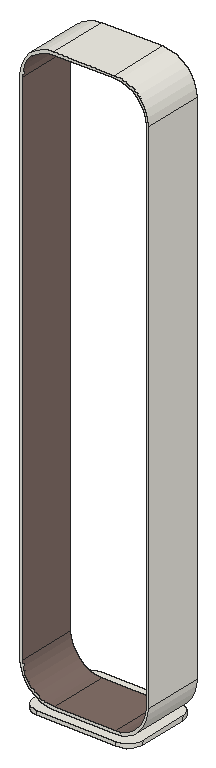
Revit family "Haworth_Contour_Light", category Lighting Fixtures, Revit 2018
Family settings
  Round Connector Dimension = Use Diameter
  Part Type = Normal
  OmniClass Number = 23.80.70.11.14
  OmniClass Title = General Luminaries, Directional
  Work Plane-Based = No
  Always vertical = Yes
  Cut with Voids When Loaded = No
  Light Source = Yes
  Shared = No
  Room Calculation Point = No
Parameters (values of type "LCF1-6009 - Floor Light")
  Wattage Comments = "8-21.5W 120V 60Hz"  # constant formula
  Wattage = 21.5 W
  Warranty = "http://www.haworth.com/resources/product-info/warranties"
  built-in parameter 1150110 = 1 (stored number, unit not read)
  URL - Product = "https://www.haworth.com/products/lighting/table/contour"
  URL = "http://www.haworth.com/our-brands/haworth-collection"
  Trim Finish [instance] = Haworth _ Paint _ Collection White
  built-in parameter 1114217 = 1 (stored number, unit not read)
  Tilt Angle = 90.00°  # constant formula
  built-in parameter 1150109 = 1 (stored number, unit not read)
  built-in parameter 1150134 = (empty or 0)
  built-in parameter 1150113 = 1 (stored number, unit not read)
  Small Table Lamp = no
  Size = "Verify Final Dim. w/ Haworth"  # constant formula
  Revision Number = "1"  # constant formula
  Photometric Web File = "generic"
  Outside Lamp Radius = 3 111/256"  # constant formula
  built-in parameter 1150142 = (empty or 0)
  Model = "LCF1-6009"
  built-in parameter 1150105 = 92.389 (stored number, unit not read)
  Lumens = 1161 lm
  built-in parameter 1150115 = 1 (stored number, unit not read)
  built-in parameter 1150137 = (empty or 0)
  built-in parameter 1150139 = (empty or 0)
  Large Table Lamp = no
  built-in parameter 1150112 = 1 (stored number, unit not read)
  built-in parameter 1150114 = 1 (stored number, unit not read)
  Interior Finish = Haworth _ Wood _ Walnut
  Inside Lamp Radius = 3 47/256"  # constant formula
  built-in parameter 1150132 = (empty or 0)
  built-in parameter 1150102 = (empty or 0)
  built-in parameter 1150107 = 3000 (stored number, unit not read)
  built-in parameter 1150138 = (empty or 0)
  built-in parameter 1150106 = 0.92389 (stored number, unit not read)
  Manufacturer = "Haworth"  # constant formula
  Glass Finish = Haworth _ Glass _ Clear
  Floor Lamp = not(or(Large Table Lamp, Small Table Lamp))  # yes
  Emit from Circle Diameter = 12"  # constant formula
  Emit Shape Visible in Rendering = no
  built-in parameter 1150104 = 5.0168 (stored number, unit not read)
  Dimming Lamp Color Temperature Shift = <None>
  Description = "Haworth Contour Floor Light"
  Color Filter = 16777215
  Lamp Thickness Offset = 1/4"  # constant formula
  Base Radius = 1 1/2"  # constant formula
  Base Offset [instance] = 28"
  Base Finish = Haworth _ Paint _ Collection White
  built-in parameter 1114218 = 1 (stored number, unit not read)
  Author = "Haworth (Alias)"  # constant formula
  built-in parameter 1150133 = 10 (stored number, unit not read)
  Assembly Code = "D5020200"
  Actual Width = if(Small Table Lamp, 12", 13")  # 13"
  Actual Height = if(Floor Lamp, 60", if(Small Table Lamp, 17 1/2", 25"))  # 60"
  Actual Depth = if(Floor Lamp, 8", 6")  # 8"
Types (3): name | Wattage | Small Table Lamp | Model | built-in parameter 1150105 | Lumens | Large Table Lamp | built-in parameter 1150106 | Floor Lamp | built-in parameter 1150104 | Description | Actual Width | Actual Height | Actual Depth
  LCF1-6009 - Floor Light | 21.5 W | no | "LCF1-6009" | 92.389 (stored number, unit not read) | 1161 lm | no | 0.92389 (stored number, unit not read) | yes | 5.0168 (stored number, unit not read) | "Haworth Contour Floor Light" | 13" | 60" | 8"
  LCT1-1708 - Small Table Light | 8 W | yes | "LCT1-1708" | 48.383 (stored number, unit not read) | 608 lm | no | 0.48383 (stored number, unit not read) | no | 7.0606 (stored number, unit not read) | "Haworth Contour Table Light Small" | 12" | 17 1/2" | 6"
  LCT1-2508 - Large Table Light | 8 W | no | "LCT1-2508" | 48.383 (stored number, unit not read) | 608 lm | yes | 0.48383 (stored number, unit not read) | no | 7.0606 (stored number, unit not read) | "Haworth Contour Table Light Large" | 13" | 25" | 6"
Reference planes (in)
  plane 1 "Center F/B": y = 8.82887
  plane 2 "Base": z = 28
  plane 3 "Center L/R": x = 1.15861
  plane 4 "Lamp Height": z = 88
  plane 5 "Right": x = 7.65861
  plane 6 "Left": x = -5.34139
  plane 7 "Back": y = 12.82887
  plane 8 "Front": y = 4.82887
  plane 9 "Inside Lamp Base": z = 28.62622
  plane 10 "Base Top": z = 28.39
  plane 11 "Lamp Back": y = 11.82886
  plane 12 "Lamp Front": y = 5.82888
  plane 13: z = 87.5
  plane 14: x = -1.48903
  plane 15: x = 3.80625
Forms (in)
  Extrusion 1, solid, material "Haworth _ Paint _ Collection White" <- "Base Finish"
    sketch origin (0, 0, 0) x (1, 0, 0) y (0, 1, 0)
      loop
        arc (-2.84181, 12.82887) -> (-3.90247, 12.38953) -> (-4.34181, 11.32887) r 1.5
        line (-4.34181, 11.32887) -> (-4.34181, 6.32887)
        arc (-4.34181, 6.32887) -> (-3.90247, 5.26821) -> (-2.84181, 4.82887) r 1.5
        line (-2.84181, 4.82887) -> (5.15902, 4.82887)
        arc (5.15902, 4.82887) -> (6.21968, 5.26821) -> (6.65902, 6.32887) r 1.5
        line (6.65902, 6.32887) -> (6.65902, 11.32887)
        arc (6.65902, 11.32887) -> (6.21968, 12.38953) -> (5.15902, 12.82887) r 1.5
        line (5.15902, 12.82887) -> (-2.84181, 12.82887)
    from 28 to 28.39
  Extrusion 2, solid, material "Haworth _ Paint _ Collection White" <- "Trim Finish"
    sketch origin (0, 8.82887, 0) x (1, 0, 0) y (0, 0, 1)
      loop
        arc (-5.34139, 31.82359) -> (-4.33572, 29.39568) -> (-1.9078, 28.39) r 3.43359
        line (-1.9078, 28.39) -> (4.22501, 28.39)
        arc (4.22501, 28.39) -> (6.65293, 29.39568) -> (7.65861, 31.82359) r 3.43359
        line (7.65861, 31.82359) -> (7.65861, 84.56641)
        arc (7.65861, 84.56641) -> (6.65293, 86.99432) -> (4.22501, 88) r 3.43359
        line (4.22501, 88) -> (-1.9078, 88)
        arc (-1.9078, 88) -> (-4.33572, 86.99432) -> (-5.34139, 84.56641) r 3.43359
        line (-5.34139, 84.56641) -> (-5.34139, 31.82359)
      loop
        arc (-5.09139, 31.82359) -> (-4.15894, 29.57245) -> (-1.9078, 28.64) r 3.18359
        line (-1.9078, 28.64) -> (4.22501, 28.64)
        arc (4.22501, 28.64) -> (6.47615, 29.57245) -> (7.40861, 31.82359) r 3.18359
        line (7.40861, 31.82359) -> (7.40861, 84.56641)
        arc (7.40861, 84.56641) -> (6.47615, 86.81755) -> (4.22501, 87.75) r 3.18359
        line (4.22501, 87.75) -> (-1.9078, 87.75)
        arc (-1.9078, 87.75) -> (-4.15894, 86.81755) -> (-5.09139, 84.56641) r 3.18359
        line (-5.09139, 84.56641) -> (-5.09139, 31.82359)
    from -2.99999 to 2.99999
  Extrusion 3, solid, material "Haworth _ Glass _ Clear" <- "Glass Finish"
    sketch origin (0, 0, 0) x (1, 0, 0) y (0, 1, 0)
      loop
        line (3.05625, 9.82887) -> (-0.73903, 9.82887)
        arc (-0.73903, 9.82887) -> (-1.26936, 9.6092) -> (-1.48903, 9.07887) r 0.75
        line (-1.48903, 9.07887) -> (-1.48903, 8.57887)
        arc (-1.48903, 8.57887) -> (-1.26936, 8.04854) -> (-0.73903, 7.82887) r 0.75
        line (-0.73903, 7.82887) -> (3.05625, 7.82887)
        arc (3.05625, 7.82887) -> (3.58658, 8.04854) -> (3.80625, 8.57887) r 0.75
        line (3.80625, 8.57887) -> (3.80625, 9.07887)
        arc (3.80625, 9.07887) -> (3.58658, 9.6092) -> (3.05625, 9.82887) r 0.75
    from 87.60156 to 87.75
Lines and regions (in)
  Masking region 1, visible <- "Floor Lamp"
    outline origin (0, 0, 0) x (1, 0, 0) y (0, 1, 0)
      loop
        line (5.15902, 12.82887) -> (-2.84181, 12.82887)
        arc (-2.84181, 12.82887) -> (-3.90247, 12.38953) -> (-4.34181, 11.32887) r 1.5
        line (-4.34181, 11.32887) -> (-4.34181, 6.32887)
        arc (-4.34181, 6.32887) -> (-3.90247, 5.26821) -> (-2.84181, 4.82887) r 1.5
        line (-2.84181, 4.82887) -> (5.15902, 4.82887)
        arc (5.15902, 4.82887) -> (6.21968, 5.26821) -> (6.65902, 6.32887) r 1.5
        line (6.65902, 6.32887) -> (6.65902, 11.32887)
        arc (6.65902, 11.32887) -> (6.21968, 12.38953) -> (5.15902, 12.82887) r 1.5
  Masking region 2
    outline origin (0, 0, 0) x (1, 0, 0) y (0, 1, 0)
      loop
        line (-5.34139, 11.82886) -> (-5.34139, 5.82888) -> (7.65861, 5.82888) -> (7.65861, 11.82886) -> (-5.34139, 11.82886)
Dimensions and locks (in)
  "Actual Height": plane 4 "Lamp Height" to plane 2 "Base"
  "Base Offset": plane 2 "Base" to level
  "Actual Depth": plane 7 "Back" to plane 8 "Front"
  "Actual Width": plane 6 "Left" to plane 5 "Right"
  locked: plane 9 "Inside Lamp Base" to plane 10 "Base Top" at 0.23622
  locked: plane 10 "Base Top" to plane 2 "Base" at 0.39
  equal spacing: plane 6 "Left", plane 3 "Center L/R", plane 5 "Right"
  equal spacing: plane 7 "Back", plane 1 "Center F/B", plane 8 "Front"
  locked: plane 3 "Center L/R" to Extrusion 1 sketch curve at 5.50041
  locked: Extrusion 1 sketch curve to plane 3 "Center L/R" at 5.50041
  locked: plane 4 "Lamp Height" to plane 13 at 0.5
  locked: plane 1 "Center F/B" to Extrusion 3 sketch curve at 1
  locked: Extrusion 3 sketch curve to plane 1 "Center F/B" at 1
  locked: plane 4 "Lamp Height" to Extrusion 3 at 0.25
  locked: plane 4 "Lamp Height" to Extrusion 3 at 0.39844
  locked: Extrusion 2 sketch curve to Extrusion 2 sketch curve at 0.25  (x4)
  locked: plane 14 to plane 15 at 5.29528
  "Base Radius": radius of Extrusion 1 sketch curve  (x4)
  aligned and locked: plane 3 "Center L/R" to imposter light
  aligned and locked: imposter light to plane 1 "Center F/B"
  aligned and locked: Extrusion 1 to plane 10 "Base Top"
  aligned and locked: Extrusion 1 to plane 2 "Base"
  aligned and locked: Extrusion 1 sketch curve to plane 7 "Back"
  aligned and locked: plane 8 "Front" to Extrusion 1 sketch curve
  aligned and locked: plane 11 "Lamp Back" to Extrusion 2
  aligned and locked: plane 12 "Lamp Front" to Extrusion 2
  aligned and locked: imposter light to plane 13
  aligned and locked: plane 4 "Lamp Height" to Extrusion 2 sketch curve
  aligned and locked: plane 5 "Right" to Extrusion 2 sketch curve
  aligned and locked: Extrusion 2 sketch curve to plane 6 "Left"
  aligned and locked: plane 10 "Base Top" to Extrusion 2 sketch curve
  aligned and locked: plane 7 "Back" to Extrusion 1
  aligned and locked: plane 8 "Front" to Extrusion 1
  aligned and locked: Masking region 2 sketch curve to plane 5 "Right"
  aligned and locked: Masking region 2 sketch curve to plane 11 "Lamp Back"
  aligned and locked: Masking region 2 sketch curve to plane 6 "Left"
  aligned and locked: Masking region 2 sketch curve to plane 12 "Lamp Front"
  aligned and locked: Extrusion 3 to plane 14
  aligned and locked: plane 15 to Extrusion 3
Automatic sketch dimensions
  Extrusion 3 sketch curve to plane 1 "Center F/B" = 1/4"  (x2)
  Extrusion 3 sketch curve to plane 3 "Center L/R" = 2.64764"
  plane 3 "Center L/R" to Extrusion 3 sketch curve = 1.89764"
  Extrusion 3 sketch curve to Extrusion 3 sketch curve = 3/4"
  plane 1 "Center F/B" to Extrusion 3 sketch curve = 1/4"
  Extrusion 2 sketch curve to Extrusion 2 sketch curve = 0"  (x4)
  Extrusion 2 sketch curve to plane 3 "Center L/R" = 3 17/256"
  plane 13 to Extrusion 2 sketch curve = 2 239/256"
  plane 3 "Center L/R" to Extrusion 2 sketch curve = 3 17/256"  (x2)
  plane 8 "Front" to Masking region 1 sketch curve = 0"
  Masking region 1 sketch curve to plane 7 "Back" = 0"
  Masking region 1 sketch curve to plane 6 "Left" = 0.99959"
  Masking region 1 sketch curve to Masking region 1 sketch curve = 1 1/2"  (x2)
  Masking region 1 sketch curve to plane 5 "Right" = 2.49959"  (x2)
  Masking region 1 sketch curve to plane 11 "Lamp Back" = 1/2"
  Extrusion 1 sketch curve to Extrusion 1 sketch curve = 0"
